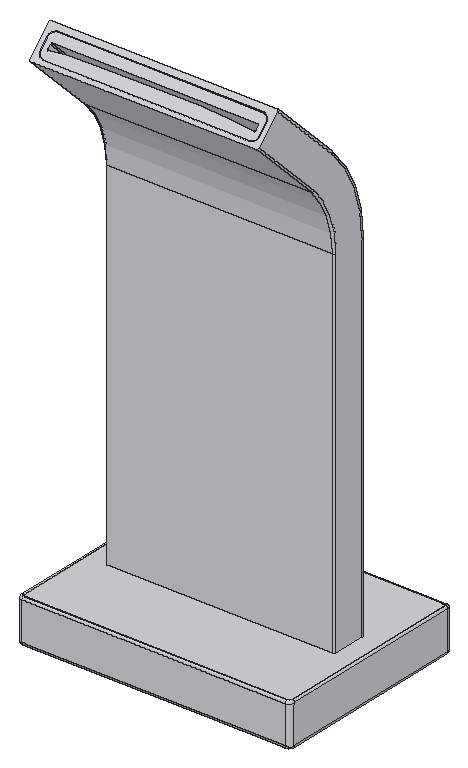
Revit family "Faucet-Wall_Mount-Bath_Spout-KOHLER-LOURE-K-14676T_1", category Plumbing Fixtures, host Face, Revit 2017
Family settings
  Host = Face
  Round Connector Dimension = Use Diameter
  Part Type = Normal
  OmniClass Number = 23.31.11.00
  OmniClass Title = Faucets
  Cut with Voids When Loaded = No
  Shared = No
  Room Calculation Point = No
Parameters (values of type "CP-Polished Chrome")
  Width = 4 3/4"  # constant formula
  WaterSense Certified = 1 = 0  # no
  Waste Water Outlet = "Waste Water Outlet"  # constant formula
  Waste Connection = 1 = 0  # no
  Vent Connection = 1 = 0  # no
  URL = "http://www.kohler.com.cn/en/"
  Type = 1
  Tempered Water Inlet = "Tempered Water Inlet"  # constant formula
  Spout Reach = 9 9/16"  # constant formula
  Product Page URL = "http://www.kohler.com.cn/product/K-14676T-CP/K-14676T-CP/"
  Product Name = "Loure"  # constant formula
  Product Documentation Link = "http://files.kohler.com.cn/pdfs/k_14676t.pdf"
  Pressure = 0.00 psi
  Model = if(Type = 1, "K-14676T-CP", "NA")  # "K-14676T-CP"
  Material = "Premium Metal Construction"  # constant formula
  Master Format 2014 Name = "Residential Faucets, Supplies, and Trim"  # constant formula
  Master Format 2014 = "22 41 39"  # constant formula
  Manufacturer Address = "158 Jiangchang 3rd Road Zhabei District Shanghai, 200436 China "  # constant formula
  Manufacturer = "KOHLER Co."  # constant formula
  Length = Spout Reach  # 9 9/16"
  Hot Water Inlet = "Hot Water Inlet"  # constant formula
  Height = 3 1/2"  # constant formula
  HW Connection = 1 = 1  # yes
  Flow Rate = 0 GPM
  Finish = Kohler-Metal-CP-Polished_Chrome
  Environmental Product Declaration = ""
  Drain Included = 1 = 0  # no
  Description = "Bathtub spout Ⅱ"  # constant formula
  Default Elevation = 36"
  Declare Label = ""
  Date Modified = "06/02/2020"  # constant formula
  Date Created = "06/02/2020"  # constant formula
  Copyright = "Copyright KOHLER Co."  # constant formula
  Contact Us = "http://www.kohler.com.cn/en/contact/contact-us/"
  Cold Water Inlet = "Cold Water Inlet"  # constant formula
  CW Connection = 1 = 0  # no
  Assembly Code = "D2010"
  ADA Compliant = 1 = 0  # no
Reference planes (in)
  plane 1 "Center (Front/Back)": y = 0
  plane 2: z = 0
  plane 3 "Center (Left/Right)": x = 0
  plane 4: x = -2.375
  plane 5: x = 2.375
  plane 6: y = -1.96875
  plane 7: y = -1.75
  plane 8: y = 1.75
  plane 9: z = 9.5625
  plane 10: z = 0.75
  plane 11: x = -2
  plane 12: x = 2
  plane 13: z = 9.81771
Dimensions and locks (in)
  "Width": plane 4 to plane 5
  plane 8 to plane 7 = 3 1/2"
  plane 1 "Center (Front/Back)" to plane 6 = 1 31/32"
  "Height": plane 8 to plane 7
  "Spout Reach": plane 9 to level
  aligned and locked: plane 2 to host face
  aligned and locked: level to host face
Automatic sketch dimensions
  host sketch curve to host sketch curve = 96"  (x2)
Nested families (in)
  nested 1: "K-14676T" at (0, 0, 0), type "K-14676T"
Connectors (in)
  piping at (0, 0, 0), diameter 0.5, driven by "Flow Rate", driven by "HW Connection", driven by "Tempered Water Inlet"
    settings: on nested 1, index 1, connector inside diameter 24", connector length 0", flow factor 0, pipe flow 0 GPM, pressure drop 0.00 psi, fitting loss kfactor 0, connector angle 0.00°, fixture units 0, engagement length 0", angle of deflection 0.00°, flow configuration 0, flow direction 1, fitting loss method 0, system type 19, joint type 0, gender type 0, connector reference index -1, connector utility 1, adjustable connector no, is connector primary yes, connector description "Tempered Water Inlet"
Definition of nested family "K-14676T"
  Parameters (values of type "K-14676T")
    Material = none
  Reference planes (in)
    plane 1 "Center (Front/Back)": y = 0
    plane 2: z = 0
    plane 3 "Center (Left/Right)": x = 0
    plane 4: y = 1.75
    plane 5: x = -2.375
    plane 6: z = 9.5625
    plane 7: y = -1.96875
    plane 8 "A": through (0, -1.7452, 9.5673) normal (0, -0.7071, 0.7071)
    plane 9: x = 2.375
    plane 10: y = -1.75
    plane 11: z = 0.75
  Forms (in)
    Sweep 1, solid, material <- "Material", detail levels medium+fine
      path origin (0, 0, 0) x (1, 0, 0) y (0, 1, 0)
        loop
          arc (-2.30315, 1.75197) -> (-2.35883, 1.72891) -> (-2.38189, 1.67323) r 0.07874
          line (-2.38189, 1.67323) -> (-2.38189, -1.67323)
          arc (-2.38189, -1.67323) -> (-2.35883, -1.72891) -> (-2.30315, -1.75197) r 0.07874
          line (-2.30315, -1.75197) -> (2.30315, -1.75197)
          arc (2.30315, -1.75197) -> (2.35883, -1.72891) -> (2.38189, -1.67323) r 0.07874
          line (2.38189, -1.67323) -> (2.38189, 1.67323)
          arc (2.38189, 1.67323) -> (2.35883, 1.72891) -> (2.30315, 1.75197) r 0.07874
          line (2.30315, 1.75197) -> (-2.30315, 1.75197)
      profile origin (0, 1.75197, 0) x (0, 1, 0) y (0, 0, 1)
        loop
          line (0, 0.03937) -> (0, 0.71063)
          arc (0, 0.71063) -> (-0.01153, 0.73847) -> (-0.03937, 0.75) r 0.03937
          line (-0.03937, 0.75) -> (-0.03937, 0)
          arc (-0.03937, 0) -> (-0.01153, 0.01153) -> (0, 0.03937) r 0.03937
    Extrusion 2, solid, material <- "Material", detail levels medium+fine
      sketch origin (0, 0, 0) x (1, 0, 0) y (0, 1, 0)
        loop
          arc (-2.30315, 1.7126) -> (-2.33099, 1.70107) -> (-2.34252, 1.67323) r 0.03937
          line (-2.34252, 1.67323) -> (-2.34252, -1.67323)
          arc (-2.34252, -1.67323) -> (-2.33099, -1.70107) -> (-2.30315, -1.7126) r 0.03937
          line (-2.30315, -1.7126) -> (2.30315, -1.7126)
          arc (2.30315, -1.7126) -> (2.33099, -1.70107) -> (2.34252, -1.67323) r 0.03937
          line (2.34252, -1.67323) -> (2.34252, 1.67323)
          arc (2.34252, 1.67323) -> (2.33099, 1.70107) -> (2.30315, 1.7126) r 0.03937
          line (2.30315, 1.7126) -> (-2.30315, 1.7126)
      from 0 to 0.75
    Sweep 3, solid, material <- "Material", detail levels medium+fine
      path origin (0, 0, 0) x (0, 1, 0) y (0, 0, 1)
        loop
          line (0, 0.75) -> (0, 6.99958)
          arc (0, 6.99958) -> (-0.14984, 7.75289) -> (-0.57656, 8.39152) r 1.9685
          line (-0.57656, 8.39152) -> (-1.75197, 9.56693)
      profile origin (0, 0, 0.75) x (0, -1, 0) y (1, 0, 0)
        loop
          arc (0.31196, 1.9685) -> (0.30274, 1.99078) -> (0.28047, 2) r 0.0315
          line (0.28047, 2) -> (-0.29055, 2)
          arc (-0.29055, 2) -> (-0.31245, 1.99114) -> (-0.32203, 1.96955) r 0.0315
          arc (-0.32203, 1.96955) -> (-0.35466, 0) -> (-0.32203, -1.96955) r 59.46241
          arc (-0.32203, -1.96955) -> (-0.31245, -1.99114) -> (-0.29055, -2) r 0.0315
          line (-0.29055, -2) -> (0.28047, -2)
          arc (0.28047, -2) -> (0.30274, -1.99078) -> (0.31196, -1.9685) r 0.0315
          line (0.31196, -1.9685) -> (0.31196, 1.9685)
    Extrusion 4, void
      sketch origin (0, -5.65625, 5.65625) x (0, 0.707107, 0.707107) y (-1, 0, 0)
        loop
          line (5.61066, 1.915) -> (5.41266, 1.915)
          arc (5.41266, 1.915) -> (5.32357, 1.8781) -> (5.28667, 1.78902) r 0.12598
          line (5.28667, 1.78902) -> (5.28667, -1.78902)
          arc (5.28667, -1.78902) -> (5.32357, -1.8781) -> (5.41266, -1.915) r 0.12598
          line (5.41266, -1.915) -> (5.61066, -1.915)
          arc (5.61066, -1.915) -> (5.69974, -1.8781) -> (5.73664, -1.78902) r 0.12598
          line (5.73664, -1.78902) -> (5.73664, 1.78902)
          arc (5.73664, 1.78902) -> (5.69974, 1.8781) -> (5.61066, 1.915) r 0.12598
        loop
          line (5.61066, 1.90713) -> (5.41266, 1.90713)
          arc (5.41266, 1.90713) -> (5.32914, 1.87253) -> (5.29455, 1.78902) r 0.11811
          line (5.29455, 1.78902) -> (5.29455, -1.78902)
          arc (5.29455, -1.78902) -> (5.32914, -1.87253) -> (5.41266, -1.90713) r 0.11811
          line (5.41266, -1.90713) -> (5.61066, -1.90713)
          arc (5.61066, -1.90713) -> (5.69418, -1.87253) -> (5.72877, -1.78902) r 0.11811
          line (5.72877, -1.78902) -> (5.72877, 1.78902)
          arc (5.72877, 1.78902) -> (5.69418, 1.87253) -> (5.61066, 1.90713) r 0.11811
        loop
          spline (5.46575, 1.48029) -> (5.47012, 1.42526) -> (5.47412, 1.3702) -> (5.47774, 1.31511) -> (5.48097, 1.26) -> (5.48383, 1.20487) -> (5.4863, 1.14972) -> (5.4884, 1.09455) -> (5.49011, 1.03937) -> (5.49145, 0.98418) -> (5.4924, 0.92898) -> (5.49297, 0.87378) -> (5.49316, 0.81857)
          line (5.49316, 0.81857) -> (5.49316, -0.81857)
          spline (5.49316, -0.81857) -> (5.49297, -0.87378) -> (5.4924, -0.92898) -> (5.49145, -0.98418) -> (5.49011, -1.03937) -> (5.4884, -1.09455) -> (5.4863, -1.14972) -> (5.48383, -1.20487) -> (5.48097, -1.26) -> (5.47774, -1.31511) -> (5.47412, -1.3702) -> (5.47012, -1.42526) -> (5.46575, -1.48029)
          line (5.46575, -1.48029) -> (5.4399, -1.79166)
          spline (5.4399, -1.79166) -> (5.43987, -1.79442) -> (5.4402, -1.79716) -> (5.44091, -1.79982) -> (5.44198, -1.80237) -> (5.44338, -1.80474) -> (5.4451, -1.8069) -> (5.44709, -1.8088) -> (5.44933, -1.81042) -> (5.45177, -1.81171) -> (5.45435, -1.81266) -> (5.45705, -1.81324) -> (5.4598, -1.81346)
          line (5.4598, -1.81346) -> (5.533, -1.81346)
          spline (5.533, -1.81346) -> (5.53563, -1.81328) -> (5.53822, -1.81277) -> (5.54071, -1.81192) -> (5.54308, -1.81076) -> (5.54527, -1.80929) -> (5.54725, -1.80755) -> (5.54899, -1.80557) -> (5.55046, -1.80338) -> (5.55162, -1.80101) -> (5.55247, -1.79852) -> (5.55298, -1.79593) -> (5.55316, -1.7933)
          line (5.55316, -1.7933) -> (5.55316, 1.7933)
          spline (5.55316, 1.7933) -> (5.55299, 1.79592) -> (5.55248, 1.79849) -> (5.55164, 1.80098) -> (5.55048, 1.80333) -> (5.54903, 1.80552) -> (5.54731, 1.8075) -> (5.54534, 1.80924) -> (5.54317, 1.8107) -> (5.54082, 1.81188) -> (5.53834, 1.81273) -> (5.53577, 1.81326) -> (5.53316, 1.81346)
          line (5.53316, 1.81346) -> (5.45996, 1.81346)
          spline (5.45996, 1.81346) -> (5.45718, 1.81326) -> (5.45446, 1.81269) -> (5.45184, 1.81174) -> (5.44938, 1.81045) -> (5.44711, 1.80882) -> (5.4451, 1.8069) -> (5.44337, 1.80472) -> (5.44195, 1.80232) -> (5.44089, 1.79975) -> (5.44018, 1.79705) -> (5.43986, 1.79429) -> (5.43992, 1.7915)
          line (5.43992, 1.7915) -> (5.46575, 1.48029)
      from -0.96909 to 0.04724
    Extrusion 5, solid, material <- "Material", detail levels coarse
      sketch origin (0, 0, 0) x (1, 0, 0) y (0, 1, 0)
        loop
          line (-2.38189, 1.75197) -> (-2.38189, -1.75197) -> (2.38189, -1.75197) -> (2.38189, 1.75197) -> (-2.38189, 1.75197)
      from 0 to 0.75
    Sweep 6, solid, material <- "Material", detail levels coarse
      path origin (0, 0, 0) x (0, 1, 0) y (0, 0, 1)
        loop
          line (0, 0.75) -> (0, 6.99958)
          arc (0, 6.99958) -> (-0.14984, 7.75289) -> (-0.57656, 8.39152) r 1.9685
          line (-0.57656, 8.39152) -> (-1.75197, 9.56693)
      profile origin (0, 0, 0.75) x (0, -1, 0) y (1, 0, 0)
        loop
          line (0.31196, 2) -> (-0.35466, 2) -> (-0.35466, -2) -> (0.31196, -2) -> (0.31196, 2)
    Extrusion 7, solid, material <- "Material", detail levels medium+fine
      sketch origin (0, 0, 0) x (1, 0, 0) y (0, 1, 0)
        loop
          circle (0, 0) r 0.5
      from 0 to 0.22016
  Cuts and joins
    Extrusion 4 cuts Sweep 3
    joined: Extrusion 2, Sweep 3
    joined: Extrusion 5, Sweep 6
  Lines and regions (in)
    Masking region 1
      outline origin (0, 0, 0) x (0, 1, 0) y (0, 0, 1)
        loop
          line (1.75, 0.03937) -> (1.75, 0.71063)
          arc (1.75, 0.71063) -> (1.73847, 0.73847) -> (1.71063, 0.75) r 0.03937
          line (1.71063, 0.75) -> (0.33594, 0.75) -> (0.33594, 7.071)
          arc (0.33594, 7.071) -> (0.16907, 7.9099) -> (-0.30613, 8.62109) r 2.19216
          line (-0.30613, 8.62109) -> (-1.49877, 9.81373) -> (-1.96875, 9.3501) -> (-0.76808, 8.08058)
          arc (-0.76808, 8.08058) -> (-0.44825, 7.60192) -> (-0.33594, 7.0373) r 1.47542
          line (-0.33594, 7.0373) -> (-0.33594, 0.75) -> (-1.71063, 0.75)
          arc (-1.71063, 0.75) -> (-1.73847, 0.73847) -> (-1.75, 0.71063) r 0.03937
          line (-1.75, 0.71063) -> (-1.75, 0.03937)
          arc (-1.75, 0.03937) -> (-1.73847, 0.01153) -> (-1.71063, 0) r 0.03937
          line (-1.71063, 0) -> (1.71063, 0)
          arc (1.71063, 0) -> (1.73847, 0.01153) -> (1.75, 0.03937) r 0.03937
    Masking region 2
      outline origin (0, 0, 0) x (1, 0, 0) y (0, 0, 1)
        loop
          arc (-2.375, 0.03937) -> (-2.36347, 0.01153) -> (-2.33563, 0) r 0.03937
          line (-2.33563, 0) -> (2.33563, 0)
          arc (2.33563, 0) -> (2.36347, 0.01153) -> (2.375, 0.03937) r 0.03937
          line (2.375, 0.03937) -> (2.375, 0.71063)
          arc (2.375, 0.71063) -> (2.36347, 0.73847) -> (2.33563, 0.75) r 0.03937
          line (2.33563, 0.75) -> (2, 0.75) -> (2, 9.77238)
          spline (2, 9.77238) -> (1.99974, 9.77523) -> (1.99897, 9.77803) -> (1.9977, 9.78073) -> (1.99595, 9.7833) -> (1.99375, 9.7857) -> (1.99114, 9.78787) -> (1.98816, 9.78979) -> (1.98485, 9.79142) -> (1.98128, 9.79274) -> (1.97749, 9.79373) -> (1.97356, 9.79436) -> (1.96955, 9.79464)
          spline (1.96955, 9.79464) -> (1.64138, 9.80169) -> (1.31316, 9.80746) -> (0.98491, 9.81194) -> (0.65662, 9.81515) -> (0.32832, 9.81707) -> (0, 9.81771) -> (-0.32832, 9.81707) -> (-0.65662, 9.81515) -> (-0.98491, 9.81194) -> (-1.31316, 9.80746) -> (-1.64138, 9.80169) -> (-1.96955, 9.79464)
          spline (-1.96955, 9.79464) -> (-1.97356, 9.79436) -> (-1.97749, 9.79373) -> (-1.98128, 9.79274) -> (-1.98485, 9.79142) -> (-1.98816, 9.78979) -> (-1.99114, 9.78787) -> (-1.99375, 9.7857) -> (-1.99595, 9.7833) -> (-1.9977, 9.78073) -> (-1.99897, 9.77803) -> (-1.99974, 9.77523) -> (-2, 9.77238)
          line (-2, 9.77238) -> (-2, 0.75) -> (-2.33563, 0.75)
          arc (-2.33563, 0.75) -> (-2.36347, 0.73847) -> (-2.375, 0.71063) r 0.03937
          line (-2.375, 0.71063) -> (-2.375, 0.03937)
    Masking region 3
      outline origin (0, 0, 0) x (1, 0, 0) y (0, 1, 0)
        loop
          arc (-2.29626, 1.75) -> (-2.35194, 1.72694) -> (-2.375, 1.67126) r 0.07874
          line (-2.375, 1.67126) -> (-2.375, -1.67126)
          arc (-2.375, -1.67126) -> (-2.35194, -1.72694) -> (-2.29626, -1.75) r 0.07874
          line (-2.29626, -1.75) -> (-2, -1.75) -> (-2, -1.97656)
          arc (-2, -1.97656) -> (-1.99313, -1.99313) -> (-1.97656, -2) r 0.02344
          line (-1.97656, -2) -> (1.97656, -2)
          arc (1.97656, -2) -> (1.99313, -1.99313) -> (2, -1.97656) r 0.02344
          line (2, -1.97656) -> (2, -1.75) -> (2.29626, -1.75)
          arc (2.29626, -1.75) -> (2.35194, -1.72694) -> (2.375, -1.67126) r 0.07874
          line (2.375, -1.67126) -> (2.375, 1.67126)
          arc (2.375, 1.67126) -> (2.35194, 1.72694) -> (2.29626, 1.75) r 0.07874
          line (2.29626, 1.75) -> (-2.29626, 1.75)
    symbolic lines, detail levels medium+fine
      curve 1: line (0, 0.33594, 0.75) -> (0, -0.33594, 0.75)
      curve 2: line (-2, 0, 0.75) -> (2, 0, 0.75)
      curve 3: spline (1.96955, -1.52426, 0) -> (1.64138, -1.51721, 0) -> (1.31316, -1.51144, 0) -> (0.98491, -1.50695, 0) -> (0.65662, -1.50375, 0) -> (0.32832, -1.50183, 0) -> (0, -1.50119, 0) -> (-0.32832, -1.50183, 0) -> (-0.65662, -1.50375, 0) -> (-0.98491, -1.50695, 0) -> (-1.31316, -1.51144, 0) -> (-1.64138, -1.51721, 0) -> (-1.96955, -1.52426, 0)
      curve 4: spline (-1.96955, -1.52426, 0) -> (-1.97356, -1.52453, 0) -> (-1.97749, -1.52517, 0) -> (-1.98128, -1.52616, 0) -> (-1.98485, -1.52748, 0) -> (-1.98816, -1.52911, 0) -> (-1.99114, -1.53103, 0) -> (-1.99375, -1.5332, 0) -> (-1.99595, -1.53559, 0) -> (-1.9977, -1.53816, 0) -> (-1.99897, -1.54087, 0) -> (-1.99974, -1.54367, 0) -> (-2, -1.54652, 0)
      curve 5: spline (1.96955, -1.52426, 0) -> (1.97356, -1.52453, 0) -> (1.97749, -1.52517, 0) -> (1.98128, -1.52616, 0) -> (1.98485, -1.52748, 0) -> (1.98816, -1.52911, 0) -> (1.99114, -1.53103, 0) -> (1.99375, -1.5332, 0) -> (1.99595, -1.53559, 0) -> (1.9977, -1.53816, 0) -> (1.99897, -1.54087, 0) -> (1.99974, -1.54367, 0) -> (2, -1.54652, 0)
      curve 6: line (1.78902, -1.6086, 0) -> (-1.78902, -1.6086, 0)
      curve 7: spline (-1.78902, -1.6086, 0) -> (-1.80443, -1.60931, 0) -> (-1.81958, -1.61144, 0) -> (-1.83421, -1.61495, 0) -> (-1.84807, -1.61979, 0) -> (-1.86092, -1.62586, 0) -> (-1.87253, -1.63306, 0) -> (-1.88272, -1.64127, 0) -> (-1.8913, -1.65036, 0) -> (-1.89814, -1.66015, 0) -> (-1.9031, -1.6705, 0) -> (-1.90612, -1.68121, 0) -> (-1.90713, -1.69211, 0)
      curve 8: line (-1.90713, -1.69211, 0) -> (-1.90713, -1.83212, 0)
      curve 9: spline (-1.90713, -1.83212, 0) -> (-1.90612, -1.84302, 0) -> (-1.9031, -1.85374, 0) -> (-1.89814, -1.86408, 0) -> (-1.8913, -1.87388, 0) -> (-1.88272, -1.88296, 0) -> (-1.87253, -1.89118, 0) -> (-1.86092, -1.89838, 0) -> (-1.84807, -1.90445, 0) -> (-1.83421, -1.90928, 0) -> (-1.81958, -1.91279, 0) -> (-1.80443, -1.91492, 0) -> (-1.78902, -1.91564, 0)
      curve 10: line (-1.78902, -1.91564, 0) -> (1.78902, -1.91564, 0)
      curve 11: spline (1.78902, -1.91564, 0) -> (1.80443, -1.91492, 0) -> (1.81958, -1.91279, 0) -> (1.83421, -1.90928, 0) -> (1.84807, -1.90445, 0) -> (1.86092, -1.89838, 0) -> (1.87253, -1.89118, 0) -> (1.88272, -1.88296, 0) -> (1.8913, -1.87388, 0) -> (1.89814, -1.86408, 0) -> (1.9031, -1.85374, 0) -> (1.90612, -1.84302, 0) -> (1.90713, -1.83212, 0)
      curve 12: line (1.90713, -1.83212, 0) -> (1.90713, -1.69211, 0)
      curve 13: spline (1.90713, -1.69211, 0) -> (1.90612, -1.68121, 0) -> (1.9031, -1.6705, 0) -> (1.89814, -1.66015, 0) -> (1.8913, -1.65036, 0) -> (1.88272, -1.64127, 0) -> (1.87253, -1.63306, 0) -> (1.86092, -1.62586, 0) -> (1.84807, -1.61979, 0) -> (1.83421, -1.61495, 0) -> (1.81958, -1.61144, 0) -> (1.80443, -1.60931, 0) -> (1.78902, -1.6086, 0)
      curve 14: spline (-1.78902, -1.92121, 0) -> (-1.80546, -1.92044, 0) -> (-1.82162, -1.91817, 0) -> (-1.83723, -1.91442, 0) -> (-1.85201, -1.90927, 0) -> (-1.86571, -1.9028, 0) -> (-1.8781, -1.89511, 0) -> (-1.88897, -1.88635, 0) -> (-1.89812, -1.87666, 0) -> (-1.90541, -1.86621, 0) -> (-1.91071, -1.85518, 0) -> (-1.91392, -1.84375, 0) -> (-1.915, -1.83212, 0)
      curve 15: line (-1.915, -1.83212, 0) -> (-1.915, -1.69211, 0)
      curve 16: spline (-1.915, -1.69211, 0) -> (-1.91392, -1.68049, 0) -> (-1.91071, -1.66906, 0) -> (-1.90541, -1.65802, 0) -> (-1.89812, -1.64757, 0) -> (-1.88897, -1.63788, 0) -> (-1.8781, -1.62912, 0) -> (-1.86571, -1.62144, 0) -> (-1.85201, -1.61496, 0) -> (-1.83723, -1.60981, 0) -> (-1.82162, -1.60606, 0) -> (-1.80546, -1.60379, 0) -> (-1.78902, -1.60303, 0)
      curve 17: line (-1.78902, -1.60303, 0) -> (1.78902, -1.60303, 0)
      curve 18: spline (1.78902, -1.60303, 0) -> (1.80546, -1.60379, 0) -> (1.82162, -1.60606, 0) -> (1.83723, -1.60981, 0) -> (1.85201, -1.61496, 0) -> (1.86571, -1.62144, 0) -> (1.8781, -1.62912, 0) -> (1.88897, -1.63788, 0) -> (1.89812, -1.64757, 0) -> (1.90541, -1.65802, 0) -> (1.91071, -1.66906, 0) -> (1.91392, -1.68049, 0) -> (1.915, -1.69211, 0)
      curve 19: line (1.915, -1.69211, 0) -> (1.915, -1.83212, 0)
      curve 20: spline (1.915, -1.83212, 0) -> (1.91392, -1.84375, 0) -> (1.91071, -1.85518, 0) -> (1.90541, -1.86621, 0) -> (1.89812, -1.87666, 0) -> (1.88897, -1.88635, 0) -> (1.8781, -1.89511, 0) -> (1.86571, -1.9028, 0) -> (1.85201, -1.90927, 0) -> (1.83723, -1.91442, 0) -> (1.82162, -1.91817, 0) -> (1.80546, -1.92044, 0) -> (1.78902, -1.92121, 0)
      curve 21: line (1.78902, -1.92121, 0) -> (-1.78902, -1.92121, 0)
      curve 22: line (1.81346, -1.74852, 0) -> (1.81346, -1.79879, 0)
      curve 23: spline (1.81346, -1.79879, 0) -> (1.81324, -1.80073, 0) -> (1.81266, -1.80264, 0) -> (1.81171, -1.80447, 0) -> (1.81042, -1.80619, 0) -> (1.8088, -1.80777, 0) -> (1.8069, -1.80918, 0) -> (1.80474, -1.8104, 0) -> (1.80237, -1.81139, 0) -> (1.79982, -1.81214, 0) -> (1.79716, -1.81264, 0) -> (1.79442, -1.81288, 0) -> (1.79166, -1.81286, 0)
      curve 24: line (1.79166, -1.81285, 0) -> (1.48029, -1.79458, 0)
      curve 25: spline (1.48029, -1.79458, 0) -> (1.42526, -1.79149, 0) -> (1.3702, -1.78866, 0) -> (1.31511, -1.7861, 0) -> (1.26, -1.78382, 0) -> (1.20487, -1.7818, 0) -> (1.14972, -1.78005, 0) -> (1.09455, -1.77856, 0) -> (1.03937, -1.77735, 0) -> (0.98418, -1.77641, 0) -> (0.92898, -1.77574, 0) -> (0.87378, -1.77533, 0) -> (0.81857, -1.7752, 0)
      curve 26: line (0.81857, -1.7752, 0) -> (-0.81857, -1.7752, 0)
      curve 27: spline (-0.81857, -1.7752, 0) -> (-0.87378, -1.77533, 0) -> (-0.92898, -1.77574, 0) -> (-0.98418, -1.77641, 0) -> (-1.03937, -1.77735, 0) -> (-1.09455, -1.77856, 0) -> (-1.14972, -1.78005, 0) -> (-1.20487, -1.7818, 0) -> (-1.26, -1.78382, 0) -> (-1.31511, -1.7861, 0) -> (-1.3702, -1.78866, 0) -> (-1.42526, -1.79149, 0) -> (-1.48029, -1.79458, 0)
      curve 28: line (-1.48029, -1.79458, 0) -> (-1.7915, -1.81285, 0)
      curve 29: spline (-1.7915, -1.81285, 0) -> (-1.79429, -1.81289, 0) -> (-1.79705, -1.81266, 0) -> (-1.79975, -1.81216, 0) -> (-1.80232, -1.81141, 0) -> (-1.80472, -1.81041, 0) -> (-1.8069, -1.80918, 0) -> (-1.80882, -1.80776, 0) -> (-1.81045, -1.80616, 0) -> (-1.81174, -1.80442, 0) -> (-1.81269, -1.80256, 0) -> (-1.81326, -1.80064, 0) -> (-1.81346, -1.79867, 0)
      curve 30: line (-1.81346, -1.79867, 0) -> (-1.81346, -1.74852, 0)
      curve 31: line (-1.79771, -1.73277, 0) -> (1.79771, -1.73277, 0)
      curve 32: arc (-1.81346, -1.74852, 0) -> (-1.80884, -1.73739, 0) -> (-1.79771, -1.73277, 0) r 0.01575
      curve 33: arc (1.81346, -1.74852, 0) -> (1.80884, -1.73739, 0) -> (1.79771, -1.73277, 0) r 0.01575
      curve 34: arc (-1.96955, 0.32203, 0) -> (0, 0.35466, 0) -> (1.96955, 0.32203, 0) r 59.46241
      curve 35: arc (-2, 0.29055, 0) -> (-1.99114, 0.31245, 0) -> (-1.96955, 0.32203, 0) r 0.0315
      curve 36: line (-2, 0.29055, 0) -> (-2, -1.75, 0)
      curve 37: line (2, 0.29055, 0) -> (2, -1.75, 0)
      curve 38: arc (2, 0.29055, 0) -> (1.99114, 0.31245, 0) -> (1.96955, 0.32203, 0) r 0.0315
  Dimensions and locks (in)
    plane 4 to plane 1 "Center (Front/Back)" = 1 3/4"
    plane 5 to plane 3 "Center (Left/Right)" = 2 3/8"
    plane 6 to plane 2 = 9 9/16"
    plane 1 "Center (Front/Back)" to plane 7 = 1 31/32"
    plane 5 to plane 9 = 4 3/4"
    plane 4 to plane 10 = 3 1/2"
    Masking region 1 sketch curve to plane 1 "Center (Front/Back)" = 43/128"
    aligned and locked: plane 2 to level
